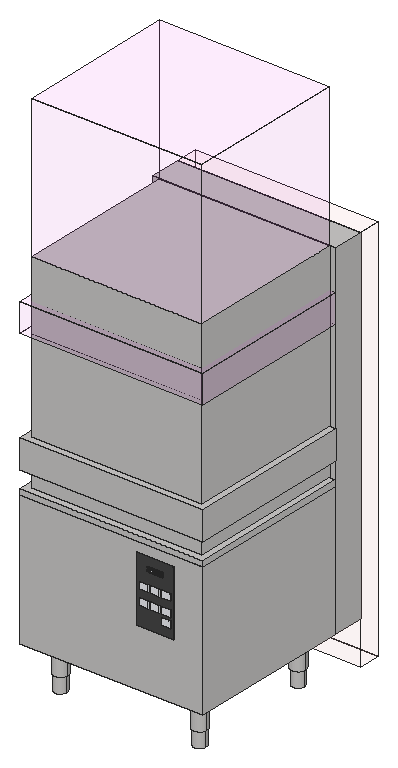
Revit family "QF_ZANUSSI_506067_ZPPWEASMS", category Attrezzature speciali, Revit 2020
Family settings
  Quota connettore circolare = Usa diametro
  Tipo di parte = Normale
  Basato su piano di lavoro = No
  Sempre verticale = Sì
  Taglio con vuoti quando caricato = No
  Condiviso = No
  Punto di calcolo locali = No
Parameters (values of type "Standard")
  Weight = 200.00 kg
  Watts = 13500 W
  Volts = 400 V
  URL Manufacturer = "http://www.zanussiprofessional.com"
  URL = "http://www.zanussiprofessional.com"
  Steam Supply Size = 0 mm
  Steam Supply Minimum Pressure = 0.0 Pa
  Steam Supply Maximum Pressure = 0.0 Pa
  Steam Consumption per Hour = 0
  Show Logo [instance] = yes
  Show Clearance [instance] = yes
  Refrigeration Suction Line Size = 0 mm
  Refrigeration Liquid Line Size = 0 mm
  Refrigerant Compressor Remote = yes
  Prospetto di default = 0 mm
  Produttore = "Zanussi"
  Phase = 3
  Modello = "ZPPWEASMS"
  Length Actual = 833 mm  # constant formula
  Item Number = "506067"
  Hot Water Size = 19.05 mm
  Height Actual = 1760 mm  # constant formula
  HP = "18.1 HP"
  Gas Size = 0 mm
  Gas KW = 0
  Gas Input Pressure = 0 W
  Direct Waste Size = 36 mm
  Descrizione = "POT&P WASH,AUTO,FRONT/SIDE,MULTIR.,833MM"
  Depth Actual = 890 mm  # constant formula
  Cycle = 50 Hz
  Condensate Return Size = 0 mm
  Compressed Air Volume = 0.0 L/s
  Compressed Air Size = 0 mm
  Compressed Air Pressure = 0.0 Pa
  Cold Water Size = 0 mm
  Accessory = yes
Reference planes
  plane 1: z = 0
  plane 2: x = -63
  plane 3 "LEFT": x = -477
  plane 4: x = 351
  plane 5: y = -440
  plane 6 "BACK": y = 450
  plane 7: x = -477
  plane 8: x = 351
  plane 9: z = 1760
  plane 10: y = -334
  plane 11: x = -377
  plane 12: y = 221
  plane 13: x = 251
  plane 14: z = 800
  plane 15: y = 310
  plane 16: z = 2400
  plane 17: through (316, 100, 4000) normal (-0.7071, 0.7071, 0)
  plane 18: through (336, 100, 4000) normal (-0.7071, -0.7071, 0)
  plane 19: x = -25
  plane 20: y = -72
  plane 21: x = -75
  plane 22: y = -122
  plane 23: x = -209
  plane 24: y = -122
  plane 25: y = 5
Forms (mm)
  Extrusion 1, solid, material "QF_Finishes_Stainless Steel"
    sketch origin (0, 0, 0) x (1, 0, 0) y (0, 1, 0)
      loop
        line (-477, 300) -> (-477, -440) -> (351, -440) -> (351, 300) -> (-477, 300)
    from 200 to 800
  Extrusion 2, solid, material "QF_Finishes_Clearance", visible <- "Show Clearance"
    sketch origin (0, 0, 0) x (1, 0, 0) y (0, 1, 0)
      loop
        line (-477, 450) -> (351, 450) -> (351, 550) -> (-477, 550) -> (-477, 450)
    from 0 to 1760
  Extrusion 3, solid, material "QF_Finishes_Stainless Steel"
    sketch origin (333.404, -63.023, 198) x (0, -1, 0) y (1, 0, 0)
      loop
        line (-163.023, -17.404) -> (-163.023, 2.596) -> (-183.023, 2.596) -> (-183.023, -17.404) -> (-163.023, -17.404)
    from 0 to 2
  Extrusion 4, solid, material "QF_Finishes_Stainless Steel"
    sketch origin (-702.159, 700.464, 214.383) x (1, 0, 0) y (0, 1, 0)
      loop
        circle (677.159, -772.464) r 10
    from -9.383 to 5.617
  Extrusion 5, solid, material "QF_Finishes_Stainless Steel"
    sketch origin (0, 0, 800) x (1, 0, 0) y (0, 1, 0)
      loop
        line (321, -409.3) -> (321, 310) -> (-447, 310) -> (-447, -409.3) -> (321, -409.3)
    from 25 to 960
  Extrusion 6, solid, material "QF_Finishes_Stainless Steel"
    sketch origin (0, 0, 600) x (1, 0, 0) y (0, 1, 0)
      loop
        line (-477, 300) -> (-477, -440) -> (351, -440) -> (351, 300) -> (-477, 300)
    from 200 to 225
  Extrusion 7, solid, material "QF_Finishes_Stainless Steel"
    sketch origin (0, 0, 30) x (1, 0, 0) y (0, 1, 0)
      loop
        line (-477, 310) -> (-477, -440) -> (351, -440) -> (351, 310) -> (321, 310) -> (321, -409.3) -> (-447, -409.3) -> (-447, 310) -> (-477, 310)
    from 870 to 1000
  Extrusion 8, solid, material "QF_Finishes_Stainless Steel"
    sketch origin (0, 0, 0) x (1, 0, 0) y (0, 1, 0)
      loop
        line (-477, 450) -> (-477, 310) -> (351, 310) -> (351, 450) -> (-477, 450)
    from 200 to 1760
  Extrusion 9, solid, material "QF_Finishes_Door Clearance", visible <- "Show Clearance"
    sketch origin (0, 0, 1440) x (1, 0, 0) y (0, 1, 0)
      loop
        line (321, -409.3) -> (321, 310) -> (-447, 310) -> (-447, -409.3) -> (321, -409.3)
    from 140 to 960
  Extrusion 10, solid, material "QF_Finishes_Door Clearance", visible <- "Show Clearance"
    sketch origin (0, 0, 580) x (1, 0, 0) y (0, 1, 0)
      loop
        line (-477, 310) -> (-477, -440) -> (351, -440) -> (351, 310) -> (321, 310) -> (321, -409.3) -> (-447, -409.3) -> (-447, 310) -> (-477, 310)
    from 870 to 1000
  Extrusion 11, solid, material "QF_Finishes_Stainless Steel"
    sketch origin (-85.596, 450, 43.977) x (1, 0, 0) y (0, 0, -1)
      loop
        line (407.596, -163.023) -> (407.596, -183.023) -> (427.596, -183.023) -> (427.596, -163.023) -> (407.596, -163.023)
    from 0 to 2
  Extrusion 12, solid, material "QF_Finishes_Stainless Steel"
    sketch origin (-752.159, 650.464, 214.383) x (1, 0, 0) y (0, 1, 0)
      loop
        circle (677.159, -772.464) r 10
    from -9.383 to 5.617
  Extrusion 13, solid, material "QF_Finishes_Stainless Steel"
    sketch origin (-886.159, 650.464, 214.383) x (1, 0, 0) y (0, 1, 0)
      loop
        circle (677.159, -762.464) r 10
    from -9.383 to 5.617
Cuts and joins
  joined: Extrusion 5, Extrusion 7
Dimensions and locks
  plane 6 "BACK" to plane 5 = 890 mm  (x2)
  plane 3 "LEFT" to plane 4 = 828 mm
  equal spacing: plane 4, plane 2, plane 3 "LEFT"
  Extrusion 6 to Extrusion 2 = 825 mm
  Extrusion 5 to Extrusion 6 = 935 mm
  plane 9 to level = 1760 mm
  plane 10 to plane 5 = 106 mm
  plane 12 to plane 10 = 555 mm
  level to plane 9 = 1760 mm
  level to plane 16 = 2400 mm
  plane 16 to level = 2400 mm
  equal spacing: plane 6 "BACK", plane 25, plane 5
  aligned and locked: level to plane 1
  aligned and locked: Extrusion 1 to plane 5
Automatic sketch dimensions
  Extrusion 2 sketch curve to plane 3 "LEFT" = 0 mm
  Extrusion 2 sketch curve to plane 4 = 0 mm
  Extrusion 2 sketch curve to plane 6 "BACK" = 0 mm
  Extrusion 2 sketch curve to Extrusion 2 sketch curve = 100 mm
  Extrusion 3 sketch curve to plane 18 = 0 mm
  Extrusion 3 sketch curve to plane 17 = 0 mm  (x2)
  Extrusion 3 sketch curve to plane 4 = 35 mm
  Extrusion 4 sketch curve to plane 19 = 0 mm
  plane 20 to Extrusion 4 sketch curve = 0 mm
  Extrusion 5 sketch curve to plane 15 = 0 mm
  plane 22 to Extrusion 5 sketch curve = 287.3 mm
  plane 3 "LEFT" to Extrusion 5 sketch curve = 30 mm
  Extrusion 5 sketch curve to plane 4 = 30 mm
  Extrusion 8 sketch curve to plane 3 "LEFT" = 0 mm
  Extrusion 8 sketch curve to plane 4 = 0 mm
  Extrusion 8 sketch curve to plane 15 = 0 mm
  Extrusion 8 sketch curve to plane 6 "BACK" = 0 mm
  Extrusion 9 sketch curve to plane 15 = 0 mm
  plane 22 to Extrusion 9 sketch curve = 287.3 mm
  plane 3 "LEFT" to Extrusion 9 sketch curve = 30 mm
  Extrusion 9 sketch curve to plane 4 = 30 mm
  Extrusion 11 sketch curve to plane 4 = 29 mm
  Extrusion 11 sketch curve to plane 4 = 9 mm
  level to Extrusion 11 sketch curve = 227 mm
  Extrusion 11 sketch curve to Extrusion 11 sketch curve = 20 mm
  Extrusion 12 sketch curve to plane 21 = 0 mm
  plane 22 to Extrusion 12 sketch curve = 0 mm
  Extrusion 1 sketch curve to plane 3 "LEFT" = 0 mm
  Extrusion 1 sketch curve to plane 4 = 0 mm
  Extrusion 1 sketch curve to plane 5 = 0 mm
  Extrusion 1 sketch curve to plane 15 = 10 mm
  Extrusion 6 sketch curve to plane 3 "LEFT" = 0 mm
  Extrusion 6 sketch curve to plane 4 = 0 mm
  Extrusion 6 sketch curve to plane 5 = 0 mm
  Extrusion 6 sketch curve to plane 15 = 10 mm
  Extrusion 7 sketch curve to plane 3 "LEFT" = 0 mm
  Extrusion 7 sketch curve to plane 15 = 0 mm  (x2)
  Extrusion 7 sketch curve to plane 4 = 0 mm
  Extrusion 7 sketch curve to plane 5 = 0 mm
  plane 22 to Extrusion 7 sketch curve = 287.3 mm
  plane 3 "LEFT" to Extrusion 7 sketch curve = 30 mm
  Extrusion 7 sketch curve to plane 4 = 30 mm
  Extrusion 10 sketch curve to plane 3 "LEFT" = 0 mm
  Extrusion 10 sketch curve to plane 15 = 0 mm  (x2)
  Extrusion 10 sketch curve to plane 4 = 0 mm
  Extrusion 10 sketch curve to plane 5 = 0 mm
  plane 22 to Extrusion 10 sketch curve = 287.3 mm
  plane 3 "LEFT" to Extrusion 10 sketch curve = 30 mm
  Extrusion 10 sketch curve to plane 4 = 30 mm
  plane 3 "LEFT" to Extrusion 13 sketch curve = 268 mm
  plane 5 to Extrusion 13 sketch curve = 328 mm
  radius of Extrusion 4 sketch curve = 10 mm
  radius of Extrusion 12 sketch curve = 10 mm
  radius of Extrusion 13 sketch curve = 10 mm
Nested families
  nested 1: "Piedino H200 - DISHWASHING" at (-377, -334, 0), type "Piedino H200 - DISHWASHING"
    with H 200 mm
  nested 2: "Piedino H200 - DISHWASHING" at (-377, 221, 0), type "Piedino H200 - DISHWASHING"
    with H 200 mm
  nested 3: "Piedino H200 - DISHWASHING" at (251, -334, 0) x (-1, 0, 0) z (0, 0, 1), type "Piedino H200 - DISHWASHING"
    with H 200 mm
  nested 4: "Piedino H200 - DISHWASHING" at (251, 221, 0) x (-1, 0, 0) z (0, 0, 1), type "Piedino H200 - DISHWASHING"
    with H 200 mm
  nested 5: "Tastierino_DISHWASHING_NERO ZANUSSI - TASTI BIANCHI" at (134.061, -440, 606.153) x (1, 0, 0) z (0, -1, 0), type "Tastierino_DISHWASHING_NERO ZANUSSI - TASTI BIANCHI"
    with Show Logo yes
  nested 6: "ZANUSSI_Logo - WHITE" at (137.467, -441, 753.087) x (1, 0, 0) z (0, -1, 0), Show Logo <- "Show Logo", visible <- "Show Logo", type "ZANUSSI_Logo - WHITE"
    with Show Logo yes
Connectors
  electrical at (326, 110, 198)
    settings: on Extrusion 3, index 53, voltage 0 V, apparent load 0 VA, apparent load phase1 0 VA, apparent load phase2 0 VA, apparent load phase3 0 VA, power factor 1, load classification "Altro", number of poles 1, system type 30, power factor state 1, is connector primary yes, connector utility no, sub classification motor no, connector description "EI"
  piping at (-25, -72, 205), diameter 12.9
    settings: on Extrusion 4, index 54, connector inside diameter 609.6 mm, connector length 0 mm, flow factor 0, pipe flow 0.0 L/s, pressure drop 0.0 Pa, fitting loss kfactor 0, connector angle 0.00°, fixture units 0, engagement length 0 mm, angle of deflection 0.00°, flow configuration 0, flow direction 0, fitting loss method 0, system type 29, joint type 0, gender type 0, connector reference index -1, connector utility 0, adjustable connector no, is connector primary yes, connector description "XD"
  electrical at (332, 450, 217)
    settings: on Extrusion 11, index 72, voltage 0 V, apparent load 0 VA, apparent load phase1 0 VA, apparent load phase2 0 VA, apparent load phase3 0 VA, power factor 1, load classification "Altro", number of poles 1, system type 30, power factor state 1, is connector primary no, connector utility no, sub classification motor no, connector description "EQ"
  piping at (-75, -122, 205), diameter 12.9
    settings: on Extrusion 12, index 73, connector inside diameter 609.6 mm, connector length 0 mm, flow factor 0, pipe flow 0.0 L/s, pressure drop 0.0 Pa, fitting loss kfactor 0, connector angle 0.00°, fixture units 0, engagement length 0 mm, angle of deflection 0.00°, flow configuration 0, flow direction 0, fitting loss method 0, system type 29, joint type 0, gender type 0, connector reference index -1, connector utility 0, adjustable connector no, is connector primary no, connector description "HWI"
  piping at (-209, -112, 205), diameter 12.9
    settings: on Extrusion 13, index 74, connector inside diameter 609.6 mm, connector length 0 mm, flow factor 0, pipe flow 0.0 L/s, pressure drop 0.0 Pa, fitting loss kfactor 0, connector angle 0.00°, fixture units 0, engagement length 0 mm, angle of deflection 0.00°, flow configuration 0, flow direction 0, fitting loss method 0, system type 29, joint type 0, gender type 0, connector reference index -1, connector utility 0, adjustable connector no, is connector primary no, connector description "D"
Definition of nested family "Piedino H200 - DISHWASHING"
  Parameters (values of type "Piedino H200 - DISHWASHING")
    Default Elevation = 0 mm
    H [instance] = 200 mm
  Reference planes
    plane 1 "Centro (Fronte/Retro)": y = 0
    plane 2: z = 0
    plane 3 "Centro (Sinistra/Destra)": x = 0
    plane 4: z = 70.047
  Forms (mm)
    Revolve 1, solid
      sketch origin (55, 0, 0) x (-1, 0, 0) y (0, 0, -1)
        loop
          line (55, 0) -> (27.6, 0) -> (27.6, -70.047) -> (22.6, -70.047) -> (22.6, -200) -> (55, -200) -> (55, 0)
        axis (55, 0) -> (55, -200)
      angle from 0 to 360
  Dimensions and locks
    "H": Revolve 1 to plane 2
    aligned and locked: level to plane 2
  Automatic sketch dimensions
    Revolve 1 sketch curve to plane 4 = 0 mm
    Revolve 1 sketch curve to level = 0 mm
    Revolve 1 sketch curve to plane 3 "Centro (Sinistra/Destra)" = 0 mm  (x2)
    plane 3 "Centro (Sinistra/Destra)" to Revolve 1 sketch curve = 27.4 mm
    Revolve 1 sketch curve to Revolve 1 sketch curve = 5 mm
    Revolve 1 sketch curve to plane 4 = 129.953 mm
    Revolve 1 sketch curve to Revolve 1 sketch curve = 0 mm
    Revolve 1 sketch curve to Revolve 1 sketch curve = 20 mm
Definition of nested family "Tastierino_DISHWASHING_NERO ZANUSSI - TASTI BIANCHI"
  Parameters (values of type "Tastierino_DISHWASHING_NERO ZANUSSI - TASTI BIANCHI")
    Show Logo [instance] = yes
    Default Elevation = 1219.2 mm
  Reference planes
    plane 1 "Centro (Fronte/Retro)": y = 0
    plane 2: z = 0
    plane 3 "Centro (Sinistra/Destra)": x = 0
  Forms (mm)
    Extrusion 1, solid
      sketch origin (0, 0, 0) x (1, 0, 0) y (0, 1, 0)
        loop
          line (-1219.2, 1219.2) -> (-1219.2, -1219.2) -> (1219.2, -1219.2) -> (1219.2, 1219.2) -> (-1219.2, 1219.2)
      from 0 to -304.8
    Extrusion 2, solid
      sketch origin (171.444, -670.217, 0) x (-1, 0, 0) y (0, -1, 0)
        loop
          line (255.889, -817.837) -> (255.889, -522.596) -> (87, -522.596) -> (87, -817.837) -> (255.889, -817.837)
      from 0 to 1
    Extrusion 3, solid
      sketch origin (171.444, -670.217, 0) x (-1, 0, 0) y (0, -1, 0)
        loop
          line (241.444, -638.939) -> (241.444, -608.939) -> (201.444, -608.939) -> (201.444, -638.939) -> (241.444, -638.939)
        loop
          line (191.444, -638.939) -> (191.444, -608.939) -> (151.444, -608.939) -> (151.444, -638.939) -> (191.444, -638.939)
        loop
          line (141.444, -638.939) -> (141.444, -608.939) -> (101.444, -608.939) -> (101.444, -638.939) -> (141.444, -638.939)
        loop
          line (141.444, -593.939) -> (141.444, -563.939) -> (101.444, -563.939) -> (101.444, -593.939) -> (141.444, -593.939)
        loop
          line (241.444, -705.217) -> (241.444, -675.217) -> (201.444, -675.217) -> (201.444, -705.217) -> (241.444, -705.217)
        loop
          line (191.444, -705.217) -> (191.444, -675.217) -> (151.444, -675.217) -> (151.444, -705.217) -> (191.444, -705.217)
        loop
          line (141.444, -705.217) -> (141.444, -675.217) -> (101.444, -675.217) -> (101.444, -705.217) -> (141.444, -705.217)
      from 0 to 2
  Dimensions and locks
    aligned and locked: plane 2 to Extrusion 1
    aligned and locked: level to Extrusion 1
Definition of nested family "ZANUSSI_Logo - WHITE"
  Parameters (values of type "ZANUSSI_Logo - WHITE")
    Show Logo [instance] = yes
    Default Elevation = 1219.2 mm
  Reference planes
    plane 1 "Center (Front/Back)": y = -49
    plane 2: z = 0
    plane 3 "Center (Left/Right)": x = -9.92
  Forms (mm)
    Extrusion 1, solid
      sketch origin (0, 0, 0) x (1, 0, 0) y (0, 1, 0)
        loop
          line (-1219.2, 1219.2) -> (-1219.2, -1219.2) -> (1219.2, -1219.2) -> (1219.2, 1219.2) -> (-1219.2, 1219.2)
      from 0 to -304.8
    Extrusion 2, solid, visible <- "Show Logo"
      sketch origin (106.353, -215.165, -50) x (1, 0, 0) y (0, 1, 0)
        loop
          line (-137.419, 156.48) -> (-137.419, 160.444) -> (-143.365, 160.444) -> (-137.419, 172.566) -> (-137.419, 175.851) -> (-147.274, 175.851) -> (-147.274, 172.226) -> (-142.063, 172.339) -> (-147.728, 160.444) -> (-147.728, 156.48) -> (-137.419, 156.48)
        loop
          line (-131.729, 163.73) -> (-129.463, 163.73) -> (-130.596, 172.54) -> (-131.729, 163.73)
        loop
          line (-132.748, 156.48) -> (-132.182, 160.218) -> (-128.897, 160.218) -> (-128.33, 156.48) -> (-124.252, 156.48) -> (-127.877, 175.851) -> (-133.315, 175.851) -> (-136.826, 156.48) -> (-132.748, 156.48)
        loop
          line (-123.75, 175.851) -> (-123.75, 156.48) -> (-120.238, 156.48) -> (-120.238, 169.281) -> (-116.953, 156.48) -> (-112.648, 156.48) -> (-112.648, 175.851) -> (-116.273, 175.851) -> (-116.273, 163.503) -> (-119.558, 175.851) -> (-123.75, 175.851)
        loop
          arc (-111.742, 161.27) -> (-106.896, 156.448) -> (-101.433, 160.558) r 5.22
          line (-101.433, 160.558) -> (-101.433, 175.851) -> (-105.398, 175.851) -> (-105.398, 161.464)
          arc (-105.398, 161.464) -> (-106.44, 160.263) -> (-107.777, 161.124) r 1.214
          line (-107.777, 161.124) -> (-107.777, 175.851) -> (-111.742, 175.851) -> (-111.742, 161.27)
        loop
          line (-94.069, 169.734) -> (-90.331, 169.734) -> (-90.269, 171.495)
          arc (-90.269, 171.495) -> (-90.53, 173.458) -> (-91.761, 175.009) r 3.719
          arc (-91.761, 175.009) -> (-95.38, 176.189) -> (-98.998, 175.009) r 6.139
          arc (-98.998, 175.009) -> (-100.474, 172.145) -> (-100.291, 168.927) r 6.125
          arc (-100.291, 168.927) -> (-99.079, 167.149) -> (-97.591, 165.594) r 13.068
          line (-97.591, 165.594) -> (-95.921, 164.113)
          arc (-95.921, 164.113) -> (-94.934, 163.275) -> (-94.167, 162.233) r 5.571
          arc (-94.167, 162.233) -> (-94.357, 160.41) -> (-96.143, 160.003) r 1.573
          arc (-96.143, 160.003) -> (-96.681, 160.547) -> (-96.911, 161.277) r 1.631
          arc (-96.911, 161.277) -> (-96.929, 161.791) -> (-96.911, 162.305) r 7.441
          arc (-96.911, 162.305) -> (-96.895, 162.791) -> (-96.911, 163.277) r 7.03
          line (-96.911, 163.277) -> (-100.866, 163.277)
          arc (-100.866, 163.277) -> (-100.828, 160.504) -> (-99.735, 157.955) r 7.131
          arc (-99.735, 157.955) -> (-94.571, 156.484) -> (-90.221, 159.633) r 6.148
          arc (-90.221, 159.633) -> (-90.141, 162.884) -> (-91.536, 165.823) r 7.021
          line (-91.536, 165.823) -> (-95.882, 169.734)
          arc (-95.882, 169.734) -> (-96.47, 170.472) -> (-96.785, 171.362) r 2.858
          arc (-96.785, 171.362) -> (-95.666, 172.959) -> (-94.069, 171.84) r 1.379
          line (-94.069, 171.84) -> (-94.069, 169.734)
        loop
          line (-82.771, 169.734) -> (-79.033, 169.734) -> (-78.971, 171.495)
          arc (-78.971, 171.495) -> (-79.232, 173.458) -> (-80.463, 175.009) r 3.719
          arc (-80.463, 175.009) -> (-84.081, 176.189) -> (-87.7, 175.009) r 6.139
          arc (-87.7, 175.009) -> (-89.175, 172.145) -> (-88.993, 168.927) r 6.125
          arc (-88.993, 168.927) -> (-87.781, 167.149) -> (-86.293, 165.594) r 13.068
          line (-86.293, 165.594) -> (-84.623, 164.113)
          arc (-84.623, 164.113) -> (-83.636, 163.275) -> (-82.869, 162.233) r 5.571
          arc (-82.869, 162.233) -> (-83.059, 160.41) -> (-84.845, 160.003) r 1.573
          arc (-84.845, 160.003) -> (-85.383, 160.547) -> (-85.613, 161.277) r 1.631
          arc (-85.613, 161.277) -> (-85.631, 161.791) -> (-85.613, 162.305) r 7.441
          arc (-85.613, 162.305) -> (-85.596, 162.791) -> (-85.613, 163.277) r 7.03
          line (-85.613, 163.277) -> (-89.568, 163.277)
          arc (-89.568, 163.277) -> (-89.53, 160.504) -> (-88.437, 157.955) r 7.131
          arc (-88.437, 157.955) -> (-83.272, 156.484) -> (-78.922, 159.633) r 6.148
          arc (-78.922, 159.633) -> (-78.843, 162.884) -> (-80.238, 165.823) r 7.021
          line (-80.238, 165.823) -> (-84.584, 169.734)
          arc (-84.584, 169.734) -> (-85.171, 170.472) -> (-85.486, 171.362) r 2.858
          arc (-85.486, 171.362) -> (-84.368, 172.959) -> (-82.771, 171.84) r 1.379
          line (-82.771, 171.84) -> (-82.771, 169.734)
        loop
          line (-78.21, 175.851) -> (-78.21, 156.48) -> (-74.245, 156.48) -> (-74.245, 175.851) -> (-78.21, 175.851)
      from 50 to 51.6
  Dimensions and locks
    aligned and locked: plane 2 to Extrusion 1
    aligned and locked: level to Extrusion 1
